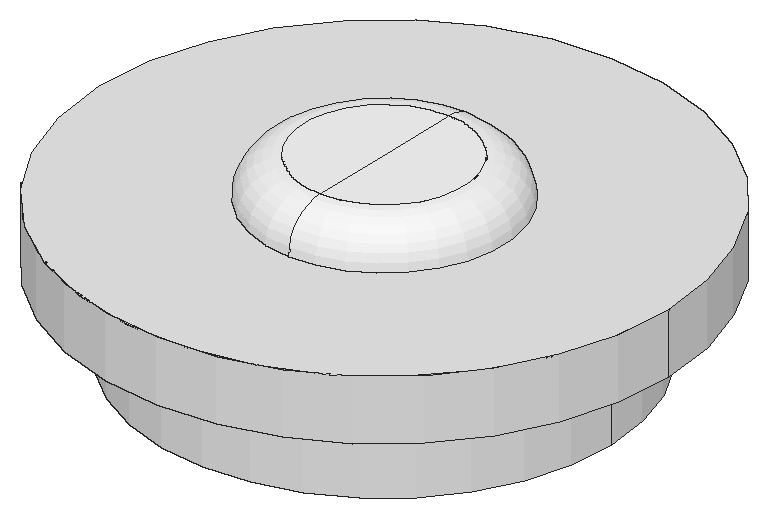
Revit family "Wireless_Ceiling_Sensor-Lutron-Radio_Powr_Savr-LRF2--", category Lighting Devices, host Face, Revit 2015
Parameters (values of type "ERROR_LOAD Type Catalog")
  Voltage = 3 V
  Version = 1
  URL = "http://www.lutron.com"
  Thomas Enterprise Solutions URL = "http://www.thomasenterprisesolutions.com/"
  Standards = "FCC certified; IC certified; COFETEL certified; RoHS compliant"
  Series = "Radio Powr Savr"
  Sensor Recessed Offset [instance] = if(Recessed, Sensor Body Height, 0' 0")  # 0' - 0"
  Sensor Radius = Sensor Diameter / 2  # 0' - 0 3/4"
  Sensor Material = Plastic - Lutron - White
  Sensor Elevation [instance] = if(Design Sensor Elevation < Minimum Ceiling Height, Minimum Ceiling Height, if(Design Sensor Elevation > Maximum Ceiling Height, Maximum Ceiling Height, Design Sensor Elevation))  # 8' - 0"
  Sensor Diameter = 0' - 1 1/2"
  Sensor Cover Offset = 0' - 0.887"
  Sensor Body Height = 0' - 0.507"
  Recessed [instance] = no
  Range Diagram [instance] = no
  Product Page URL = "http://www.lutron.com/Products/Sensors/Occupancy-Vacancy/WirelessRadioPowrSavr/Pages/Overview.aspx"
  Overall Width = 0' - 1.13"
  Overall Depth = 0' - 3.57"
  Mounting Radius = Mounting Diameter / 2  # 0' - 1.425"
  Mounting Diameter = 0' - 2.85"
  Model = "LRF2-OCR2B-P-WH"
  Minimum Room Coverage (L x W) = "8ft x 8ft"
  Minimum Operating Temperature = 32 °F
  Minimum Coverage = 324.00 SF
  Minimum Clearance = 4' - 0"
  Minimum Ceiling Height = 8' - 0"
  Maximum Room Coverage (L x W) = "12ft x 12ft"
  Maximum Operating Temperature = 104 °F
  Maximum Coverage = 676.00 SF
  Maximum Ceiling Height = 12' - 0"
  Manufacturer = "Lutron Electronics"  # constant formula
  Radius of Coverage at Floor = 13' - 0"
  Light Level = 1 fc
  Label = "OS"
  Frequency = "434 MHz"
  Clearance [instance] = no
  Actual Room Coverage (L x W) [instance] = 18' - 0"
  Field of View = 360.00°
  ENGworks URL = "http://www.ENGworks.com"
  Design Sensor Elevation [instance] = 0' - 0"
  Description = "Wireless Ceiling Mount Sensor"
  Default Elevation = 0' - 0"
  Current = 14 mA
  Copyright = "© 2016 Lutron Electronics Co., Inc."  # constant formula
  Ceiling Opening Radius = Ceiling Opening Diameter / 2  # 0' - 1 1/2"
  Ceiling Opening Diameter = 0' - 3"
  Assembly Code = "D5030800"
Reference planes (in)
  plane 1 "Center (Front/Back)": y = 0
  plane 2: z = 0
  plane 3 "Center (Left/Right)": x = 0
  plane 4: y = 1.785
  plane 5: y = -1.785
  plane 6: x = -1.785
  plane 7: x = 1.785
  plane 8: z = 1.13
  plane 9: z = 0.887
  plane 10: z = 0
  plane 11: y = 0.75
  plane 12: x = -49.785
Forms (in)
  Revolve 1, solid, material "Plastic - Lutron - Clear"
    sketch origin (0, 0, 0) x (0, 1, 0) y (0, 0, 1)
      loop
        line (0, 1.13) -> (0, 0.887) -> (0.74995, 0.887)
        arc (0.74995, 0.887) -> (0.67569, 1.05911) -> (0.50216, 1.13) r 0.24784
        line (0.50216, 1.13) -> (0, 1.13)
      axis (0, 0.887) -> (0, 1.13)
    angle from 0 to 360
  Revolve 2, solid, material "Infrared Motion Detection", visible <- "Range Diagram"
    sketch origin (0, 0, 30) x (0, 1, 0) y (0, 0, 1)
      loop
        line (0, -30) -> (156, -30) -> (156, -29.875) -> (0, -29.875) -> (0, -30)
      axis (0, -30) -> (0, -29.875)
    angle from 0 to 360 <- "Field of View"
  Extrusion 3, void
    sketch origin (0.00802, -0.04718, 109.5) x (-0.831906, -0.554917, 0) y (0.554917, -0.831906, 0)
      loop
        arc (32.11395, 262.33035) -> (16.05726, 263.80575) -> (-0.05955, 264.29817) r 264
        line (-0.05955, 264.29817) -> (-0.05955, 0.8021)
        arc (-0.05955, 0.8021) -> (-0.02879, 0.80116) -> (0.00186, 0.79834) r 0.50393
        line (0.00186, 0.79834) -> (32.11395, 262.33035)
      loop
        arc (-32.23306, -261.73402) -> (-16.17637, -263.20942) -> (-0.05955, -263.70183) r 264
        line (-0.05955, -263.70183) -> (-0.05955, -0.20577)
        arc (-0.05955, -0.20577) -> (-0.09032, -0.20483) -> (-0.12097, -0.20201) r 0.50393
        line (-0.12097, -0.20201) -> (-32.23306, -261.73402)
    from -109.5 to -109.375
  Extrusion 4, void
    sketch origin (0.00802, -0.04718, 109.5) x (-0.591943, -0.80598, 0) y (0.80598, -0.591943, 0)
      loop
        arc (32.21952, 262.33274) -> (16.16283, 263.80814) -> (0.04602, 264.30055) r 264
        line (0.04602, 264.30055) -> (0.04602, 0.80449)
        arc (0.04602, 0.80449) -> (0.07678, 0.80355) -> (0.10743, 0.80073) r 0.50393
        line (0.10743, 0.80073) -> (32.21952, 262.33274)
      loop
        arc (-32.12749, -261.73163) -> (-16.0708, -263.20703) -> (0.04602, -263.69945) r 264
        line (0.04602, -263.69945) -> (0.04602, -0.20338)
        arc (0.04602, -0.20338) -> (0.01525, -0.20244) -> (-0.0154, -0.19962) r 0.50393
        line (-0.0154, -0.19962) -> (-32.12749, -261.73163)
    from -109.5 to -109.375
  Extrusion 5, void
    sketch origin (0.00802, -0.04718, 109.5) x (-0.280583, -0.95983, 0) y (0.95983, -0.280583, 0)
      loop
        arc (32.31954, 262.29887) -> (16.26285, 263.77428) -> (0.14604, 264.26669) r 264
        line (0.14604, 264.26669) -> (0.14604, 0.77062)
        arc (0.14604, 0.77062) -> (0.1768, 0.76968) -> (0.20745, 0.76687) r 0.50393
        line (0.20745, 0.76687) -> (32.31954, 262.29887)
      loop
        arc (-32.02747, -261.7655) -> (-15.97078, -263.2409) -> (0.14604, -263.73331) r 264
        line (0.14604, -263.73331) -> (0.14604, -0.23724)
        arc (0.14604, -0.23724) -> (0.11527, -0.2363) -> (0.08462, -0.23349) r 0.50393
        line (0.08462, -0.23349) -> (-32.02747, -261.7655)
    from -109.5 to -109.375
  Extrusion 6, void
    sketch origin (0.00802, -0.04718, 109.5) x (0.064619, -0.99791, 0) y (0.99791, 0.064619, 0)
      loop
        arc (32.40195, 262.23284) -> (16.34526, 263.70824) -> (0.22844, 264.20066) r 264
        line (0.22844, 264.20066) -> (0.22844, 0.70459)
        arc (0.22844, 0.70459) -> (0.25921, 0.70365) -> (0.28986, 0.70083) r 0.50393
        line (0.28986, 0.70083) -> (32.40195, 262.23284)
      loop
        arc (-31.94506, -261.83153) -> (-15.88837, -263.30693) -> (0.22844, -263.79934) r 264
        line (0.22844, -263.79934) -> (0.22844, -0.30328)
        arc (0.22844, -0.30328) -> (0.19768, -0.30234) -> (0.16703, -0.29952) r 0.50393
        line (0.16703, -0.29952) -> (-31.94506, -261.83153)
    from -109.5 to -109.375
  Extrusion 7, void
    sketch origin (0.00802, -0.04718, 109.5) x (0.402028, -0.915628, 0) y (0.915628, 0.402028, 0)
      loop
        arc (32.06308, 262.31548) -> (16.00639, 263.79088) -> (-0.11042, 264.2833) r 264
        line (-0.11042, 264.2833) -> (-0.11042, 0.78723)
        arc (-0.11042, 0.78723) -> (-0.07966, 0.78629) -> (-0.04901, 0.78347) r 0.50393
        line (-0.04901, 0.78347) -> (32.06308, 262.31548)
      loop
        arc (-32.28393, -261.74889) -> (-16.22724, -263.22429) -> (-0.11042, -263.7167) r 264
        line (-0.11042, -263.7167) -> (-0.11042, -0.22064)
        arc (-0.11042, -0.22064) -> (-0.14119, -0.2197) -> (-0.17184, -0.21688) r 0.50393
        line (-0.17184, -0.21688) -> (-32.28393, -261.74889)
    from -109.5 to -109.375
  Extrusion 8, void
    sketch origin (0.00802, -0.04718, 109.5) x (0.690946, -0.722907, 0) y (0.722907, 0.690946, 0)
      loop
        arc (32.16663, 262.33616) -> (16.10994, 263.81157) -> (-0.00687, 264.30398) r 264
        line (-0.00687, 264.30398) -> (-0.00687, 0.80791)
        arc (-0.00687, 0.80791) -> (0.02389, 0.80697) -> (0.05454, 0.80416) r 0.50393
        line (0.05454, 0.80416) -> (32.16663, 262.33616)
      loop
        arc (-32.18038, -261.72821) -> (-16.12369, -263.20361) -> (-0.00687, -263.69602) r 264
        line (-0.00687, -263.69602) -> (-0.00687, -0.19995)
        arc (-0.00687, -0.19995) -> (-0.03764, -0.19901) -> (-0.06829, -0.1962) r 0.50393
        line (-0.06829, -0.1962) -> (-32.18038, -261.72821)
    from -109.5 to -109.375
  Extrusion 9, void
    sketch origin (0.00802, -0.04718, 109.5) x (0.896525, -0.442993, 0) y (0.442993, 0.896525, 0)
      loop
        arc (32.27102, 262.32018) -> (16.21432, 263.79558) -> (0.09751, 264.288) r 264
        line (0.09751, 264.288) -> (0.09751, 0.79193)
        arc (0.09751, 0.79193) -> (0.12827, 0.79099) -> (0.15892, 0.78817) r 0.50393
        line (0.15892, 0.78817) -> (32.27102, 262.32018)
      loop
        arc (-32.076, -261.74419) -> (-16.01931, -263.21959) -> (0.09751, -263.712) r 264
        line (0.09751, -263.712) -> (0.09751, -0.21594)
        arc (0.09751, -0.21594) -> (0.06675, -0.215) -> (0.0361, -0.21218) r 0.50393
        line (0.0361, -0.21218) -> (-32.076, -261.74419)
    from -109.5 to -109.375
  Extrusion 10, void
    sketch origin (0.00802, -0.04718, 109.5) x (0.993971, -0.109648, 0) y (0.109648, 0.993971, 0)
      loop
        arc (32.36364, 262.26946) -> (16.30694, 263.74486) -> (0.19013, 264.23728) r 264
        line (0.19013, 264.23728) -> (0.19013, 0.74121)
        arc (0.19013, 0.74121) -> (0.22089, 0.74027) -> (0.25154, 0.73745) r 0.50393
        line (0.25154, 0.73745) -> (32.36364, 262.26946)
      loop
        arc (-31.98338, -261.79491) -> (-15.92668, -263.27031) -> (0.19013, -263.76272) r 264
        line (0.19013, -263.76272) -> (0.19013, -0.26666)
        arc (0.19013, -0.26666) -> (0.15937, -0.26572) -> (0.12872, -0.2629) r 0.50393
        line (0.12872, -0.2629) -> (-31.98338, -261.79491)
    from -109.5 to -109.375
  Extrusion 11, void
    sketch origin (0.00802, -0.04718, 109.5) x (0.971528, 0.236923, 0) y (-0.236923, 0.971528, 0)
      loop
        arc (32.01557, 262.292) -> (15.95887, 263.7674) -> (-0.15794, 264.25982) r 264
        line (-0.15794, 264.25982) -> (-0.15794, 0.76375)
        arc (-0.15794, 0.76375) -> (-0.12718, 0.76281) -> (-0.09653, 0.75999) r 0.50393
        line (-0.09653, 0.75999) -> (32.01557, 262.292)
      loop
        arc (-32.33145, -261.77237) -> (-16.27475, -263.24777) -> (-0.15794, -263.74018) r 264
        line (-0.15794, -263.74018) -> (-0.15794, -0.24412)
        arc (-0.15794, -0.24412) -> (-0.1887, -0.24318) -> (-0.21935, -0.24036) r 0.50393
        line (-0.21935, -0.24036) -> (-32.33145, -261.77237)
    from -109.5 to -109.375
  Extrusion 12, solid, material "Plastic - Lutron - White" <- "Sensor Material"
    sketch origin (0, 0, 0) x (1, 0, 0) y (0, 1, 0)
      loop
        circle (0, 0) r 1.425
    from 0 to 0.507
  Extrusion 13, solid, material "Plastic - Lutron - White" <- "Sensor Material"
    sketch origin (0, 0, 0) x (1, 0, 0) y (0, 1, 0)
      loop
        circle (0, 0) r 1.785
    from 0.507 to 0.887
  Sweep 14, void
    path origin (0, 0, 0) x (0, 1, 0) y (0, 0, 1)
      loop
        line (0, 0) -> (0, 0.887)
    profile origin (0, 0, 0.4435) x (0, -1, 0) y (1, 0, 0)
      loop
        circle (0, 0) r 1.5
  Revolve 15, solid, visible <- "Clearance"
    sketch origin (0, 0, 0) x (1, 0, 0) y (0, 0, 1)
      loop
        line (-1.785, 0) -> (-1.785, 1.13) -> (-49.785, 1.13) -> (-49.785, 0) -> (-1.785, 0)
      axis (0, 0) -> (0, 1.13)
    angle from 0 to 360
Cuts and joins
  Extrusion 3, Extrusion 4, Extrusion 5, Extrusion 6, Extrusion 7, Extrusion 8, Extrusion 9, Extrusion 10, Extrusion 11 cuts Revolve 2
Lines and regions (in)
  symbolic lines, detail levels fine
    curve 1: circle (0, 0, 0) r 1.78527 normal (0, 0, 1)
Dimensions and locks (in)
  equal spacing: plane 4, plane 1 "Center (Front/Back)", plane 5
  equal spacing: plane 6, plane 3 "Center (Left/Right)", plane 7
  "Overall Depth": plane 4 to plane 5
  "Overall Depth": plane 6 to plane 7
  locked: curve 1 to plane 3 "Center (Left/Right)" at 0
  locked: curve 1 to plane 1 "Center (Front/Back)" at 0
  locked: Revolve 2 sketch curve to Revolve 2 sketch curve at 0.125
  "Radius of Coverage at Floor": plane 1 "Center (Front/Back)" to Revolve 2 sketch curve
  locked: Extrusion 6 to Extrusion 6 at 0.125
  locked: Extrusion 12 sketch curve to plane 3 "Center (Left/Right)" at 0
  locked: Extrusion 12 sketch curve to plane 1 "Center (Front/Back)" at 0
  locked: Extrusion 13 to Extrusion 13 at 0.38
  locked: Extrusion 13 sketch curve to plane 3 "Center (Left/Right)" at 0
  locked: Extrusion 13 sketch curve to plane 1 "Center (Front/Back)" at 0
  locked: curve 1 to plane 6 at 0.00027
  "Sensor Cover Offset": plane 9 to plane 10
  "Overall Width": plane 8 to plane 10
  "Sensor Body Height": Extrusion 13 to plane 10
  "Sensor Recessed Offset": plane 2 to plane 10
  "Sensor Radius": plane 1 "Center (Front/Back)" to plane 11
  locked: plane 9 to Revolve 1 sketch curve at 0.00484
  "Minimum Clearance": plane 6 to plane 12
  "Ceiling Opening Radius": radius of Sweep 14 sketch curve
  "Mounting Radius": radius of Extrusion 12 sketch curve
  aligned and locked: plane 2 to host face
  aligned and locked: level to host face
  aligned: plane 2 to Revolve 1
  aligned and locked: Revolve 2 sketch curve to plane 1 "Center (Front/Back)"
  aligned and locked: Extrusion 4 to Extrusion 3
  aligned and locked: Extrusion 3 to Extrusion 10
  aligned and locked: Extrusion 3 to Extrusion 9
  aligned and locked: Extrusion 5 to Extrusion 3
  aligned and locked: Extrusion 8 to Extrusion 3
  aligned and locked: Extrusion 7 to Extrusion 3
  aligned and locked: Extrusion 6 to Extrusion 3
  aligned and locked: Extrusion 7 to Extrusion 6
  aligned and locked: Extrusion 8 to Extrusion 6
  aligned and locked: Extrusion 9 to Extrusion 6
  aligned and locked: Extrusion 10 to Extrusion 6
  aligned and locked: Extrusion 3 to Extrusion 6
  aligned and locked: Extrusion 4 to Extrusion 6
  aligned and locked: Extrusion 5 to Extrusion 6
  aligned and locked: Extrusion 11 to Extrusion 6  (x2)
  aligned: Extrusion 13 to Revolve 1
  aligned and locked: Extrusion 13 to Extrusion 12
  aligned and locked: plane 1 "Center (Front/Back)" to Revolve 1 sketch curve
  aligned and locked: plane 3 "Center (Left/Right)" to nested 1
  aligned and locked: plane 1 "Center (Front/Back)" to nested 1
  aligned and locked: Revolve 1 sketch curve to plane 9
  aligned and locked: Extrusion 13 to Revolve 1
  aligned and locked: Extrusion 12 to plane 10
  aligned and locked: Sweep 14 sketch curve to plane 1 "Center (Front/Back)"
  aligned and locked: plane 10 to Sweep 14 sketch curve
  aligned and locked: plane 3 "Center (Left/Right)" to Sweep 14 sketch curve
  aligned and locked: plane 1 "Center (Front/Back)" to Sweep 14 sketch curve
  aligned and locked: plane 9 to Sweep 14 sketch curve
  aligned and locked: plane 8 to Revolve 1 sketch curve
  aligned and locked: Extrusion 12 to Revolve 15 sketch curve
  aligned and locked: plane 3 "Center (Left/Right)" to Revolve 15 sketch curve
  aligned and locked: Revolve 15 sketch curve to plane 6
  aligned and locked: Revolve 15 sketch curve to plane 8
  aligned and locked: plane 10 to Revolve 15 sketch curve
  aligned and locked: Revolve 15 sketch curve to plane 12
Automatic sketch dimensions
  host sketch curve to host sketch curve = 8' - 0"  (x2)
  Revolve 2 sketch curve to plane 1 "Center (Front/Back)" = 0' - 0"
  Revolve 2 sketch curve to Revolve 2 sketch curve = 6' - 1.175"
  Extrusion 3 sketch curve to Extrusion 3 sketch curve = 0' - 0"  (x12)
  Extrusion 3 sketch curve to plane 6 = 9' - 8.63278"
  plane 4 to Extrusion 3 sketch curve = 19' - 5.79251"
  Extrusion 3 sketch curve to Extrusion 3 sketch curve = 2' - 8.11209"
  Extrusion 3 sketch curve to Extrusion 3 sketch curve = 0' - 0.06141"  (x2)
  Extrusion 3 sketch curve to Extrusion 3 sketch curve = 2' - 8.17351"
  Extrusion 3 sketch curve to Extrusion 3 sketch curve = 0' - 1.96782"
  Extrusion 3 sketch curve to Extrusion 3 sketch curve = 0' - 0.50393"
  Extrusion 3 sketch curve to Extrusion 3 sketch curve = 0' - 0.50018"
  Extrusion 3 sketch curve to Extrusion 3 sketch curve = 21' - 9.53201"
  Extrusion 4 sketch curve to Extrusion 4 sketch curve = 0' - 0"  (x12)
  plane 4 to Extrusion 4 sketch curve = 14' - 10.99209"
  Extrusion 4 sketch curve to plane 6 = 15' - 10.13979"
  Extrusion 4 sketch curve to Extrusion 4 sketch curve = 2' - 8.11209"
  Extrusion 4 sketch curve to Extrusion 4 sketch curve = 0' - 0.06141"  (x2)
  Extrusion 4 sketch curve to Extrusion 4 sketch curve = 2' - 8.17351"
  Extrusion 4 sketch curve to Extrusion 4 sketch curve = 0' - 1.96782"
  Extrusion 4 sketch curve to Extrusion 4 sketch curve = 0' - 0.50393"
  Extrusion 4 sketch curve to Extrusion 4 sketch curve = 0' - 0.50018"
  Extrusion 4 sketch curve to Extrusion 4 sketch curve = 21' - 9.53201"
  Extrusion 5 sketch curve to Extrusion 5 sketch curve = 0' - 0"  (x12)
  plane 4 to Extrusion 5 sketch curve = 8' - 6.35567"
  Extrusion 5 sketch curve to plane 6 = 20' - 0.47094"
  Extrusion 5 sketch curve to Extrusion 5 sketch curve = 2' - 8.11209"
  Extrusion 5 sketch curve to Extrusion 5 sketch curve = 0' - 0.06141"  (x2)
  Extrusion 5 sketch curve to Extrusion 5 sketch curve = 2' - 8.17351"
  Extrusion 5 sketch curve to Extrusion 5 sketch curve = 0' - 1.96782"
  Extrusion 5 sketch curve to Extrusion 5 sketch curve = 0' - 0.50393"
  Extrusion 5 sketch curve to Extrusion 5 sketch curve = 0' - 0.50018"
  Extrusion 5 sketch curve to Extrusion 5 sketch curve = 21' - 9.53201"
  Extrusion 6 sketch curve to Extrusion 6 sketch curve = 0' - 0"  (x12)
  plane 4 to Extrusion 6 sketch curve = 1' - 1.12672"
  Extrusion 6 sketch curve to plane 6 = 21' - 9.55554"
  Extrusion 6 sketch curve to Extrusion 6 sketch curve = 2' - 8.11209"
  Extrusion 6 sketch curve to Extrusion 6 sketch curve = 0' - 0.06141"  (x2)
  Extrusion 6 sketch curve to Extrusion 6 sketch curve = 2' - 8.17351"
  Extrusion 6 sketch curve to Extrusion 6 sketch curve = 0' - 1.96782"
  Extrusion 6 sketch curve to Extrusion 6 sketch curve = 0' - 0.50393"
  Extrusion 6 sketch curve to Extrusion 6 sketch curve = 0' - 0.50018"
  Extrusion 6 sketch curve to Extrusion 6 sketch curve = 21' - 9.53201"
  Extrusion 7 sketch curve to Extrusion 7 sketch curve = 0' - 0"  (x12)
  plane 5 to Extrusion 7 sketch curve = 6' - 1.93243"
  Extrusion 7 sketch curve to plane 6 = 20' - 10.85049"
  Extrusion 7 sketch curve to Extrusion 7 sketch curve = 2' - 8.11209"
  Extrusion 7 sketch curve to Extrusion 7 sketch curve = 0' - 0.06141"  (x2)
  Extrusion 7 sketch curve to Extrusion 7 sketch curve = 2' - 8.17351"
  Extrusion 7 sketch curve to Extrusion 7 sketch curve = 0' - 1.96782"
  Extrusion 7 sketch curve to Extrusion 7 sketch curve = 0' - 0.50393"
  Extrusion 7 sketch curve to Extrusion 7 sketch curve = 0' - 0.50018"
  Extrusion 7 sketch curve to Extrusion 7 sketch curve = 21' - 9.53201"
  Extrusion 8 sketch curve to Extrusion 8 sketch curve = 0' - 0"  (x12)
  plane 5 to Extrusion 8 sketch curve = 12' - 11.83869"
  Extrusion 8 sketch curve to plane 6 = 17' - 5.64698"
  Extrusion 8 sketch curve to Extrusion 8 sketch curve = 2' - 8.11209"
  Extrusion 8 sketch curve to Extrusion 8 sketch curve = 0' - 0.06141"  (x2)
  Extrusion 8 sketch curve to Extrusion 8 sketch curve = 2' - 8.17351"
  Extrusion 8 sketch curve to Extrusion 8 sketch curve = 0' - 1.96782"
  Extrusion 8 sketch curve to Extrusion 8 sketch curve = 0' - 0.50393"
  Extrusion 8 sketch curve to Extrusion 8 sketch curve = 0' - 0.50018"
  Extrusion 8 sketch curve to Extrusion 8 sketch curve = 21' - 9.53201"
  Extrusion 9 sketch curve to Extrusion 9 sketch curve = 0' - 0"  (x12)
  Extrusion 9 sketch curve to plane 6 = 11' - 10.91474"
  plane 5 to Extrusion 9 sketch curve = 18' - 2.71297"
  Extrusion 9 sketch curve to Extrusion 9 sketch curve = 2' - 8.11209"
  Extrusion 9 sketch curve to Extrusion 9 sketch curve = 0' - 0.06141"  (x2)
  Extrusion 9 sketch curve to Extrusion 9 sketch curve = 2' - 8.17351"
  Extrusion 9 sketch curve to Extrusion 9 sketch curve = 0' - 1.96782"
  Extrusion 9 sketch curve to Extrusion 9 sketch curve = 0' - 0.50393"
  Extrusion 9 sketch curve to Extrusion 9 sketch curve = 0' - 0.50018"
  Extrusion 9 sketch curve to Extrusion 9 sketch curve = 21' - 9.53201"
  Extrusion 10 sketch curve to Extrusion 10 sketch curve = 0' - 0"  (x12)
  Extrusion 10 sketch curve to plane 6 = 4' - 10.70268"
  plane 5 to Extrusion 10 sketch curve = 21' - 2.9717"
  Extrusion 10 sketch curve to Extrusion 10 sketch curve = 2' - 8.11209"
  Extrusion 10 sketch curve to Extrusion 10 sketch curve = 0' - 0.06141"  (x2)
  Extrusion 10 sketch curve to Extrusion 10 sketch curve = 2' - 8.17351"
  Extrusion 10 sketch curve to Extrusion 10 sketch curve = 0' - 1.96782"
  Extrusion 10 sketch curve to Extrusion 10 sketch curve = 0' - 0.50393"
  Extrusion 10 sketch curve to Extrusion 10 sketch curve = 0' - 0.50018"
  Extrusion 10 sketch curve to Extrusion 10 sketch curve = 21' - 9.53201"
  Extrusion 11 sketch curve to Extrusion 11 sketch curve = 0' - 0"  (x12)
  Extrusion 11 sketch curve to plane 7 = 2' - 4.83198"
  plane 5 to Extrusion 11 sketch curve = 21' - 8.24154"
  Extrusion 11 sketch curve to Extrusion 11 sketch curve = 2' - 8.11209"
  Extrusion 11 sketch curve to Extrusion 11 sketch curve = 0' - 0.06141"  (x2)
  Extrusion 11 sketch curve to Extrusion 11 sketch curve = 2' - 8.17351"
  Extrusion 11 sketch curve to Extrusion 11 sketch curve = 0' - 1.96782"
  Extrusion 11 sketch curve to Extrusion 11 sketch curve = 0' - 0.50393"
  Extrusion 11 sketch curve to Extrusion 11 sketch curve = 0' - 0.50018"
  Extrusion 11 sketch curve to Extrusion 11 sketch curve = 21' - 9.53201"
  level to Revolve 2 sketch curve = 0' - 0"
  Revolve 2 sketch curve to level = 1' - 1.175"
  Revolve 1 sketch curve to plane 1 "Center (Front/Back)" = 0' - 0"
  plane 11 to Revolve 1 sketch curve = 0' - 0.24784"
  Revolve 1 sketch curve to Revolve 1 sketch curve = 0' - 0.09707"
  Revolve 1 sketch curve to Revolve 1 sketch curve = 0' - 0.21791"
  Revolve 15 sketch curve to plane 8 = 0' - 0"
  radius of Extrusion 13 sketch curve = 0' - 1.785"
Nested families (in)
  nested 1: "Ceiling Occupancy Sensor" at (0, 0, 0), type "Ceiling Occupancy Sensor", detail levels coarse+medium
Connectors (in)
  electrical at (0, 0, 0)
    settings: on Revolve 1, index 1, voltage 0 V, apparent load 0 VA, apparent load phase1 0 VA, apparent load phase2 0 VA, apparent load phase3 0 VA, power factor 1, load classification "Other", number of poles 1, system type 13, power factor state 1, is connector primary yes, connector utility no, sub classification motor no, connector description "Lighting Control Connection"
Definition of nested family "Ceiling Occupancy Sensor"
  Parameters
    Label = "OS"
  Reference planes (in)
    plane 1: y = 0
    plane 2: x = 0
  Lines and regions (in)
    detail lines
      curve 1: circle (0, 0, 0) r 0.10882 normal (0, 0, 1)
  Text (in)
    label "OS" at (-0.00015, 0.0012, 0), shows "Label"
  Dimensions and locks (in)
    locked: curve 1 to plane 1
    locked: plane 2 to curve 1
